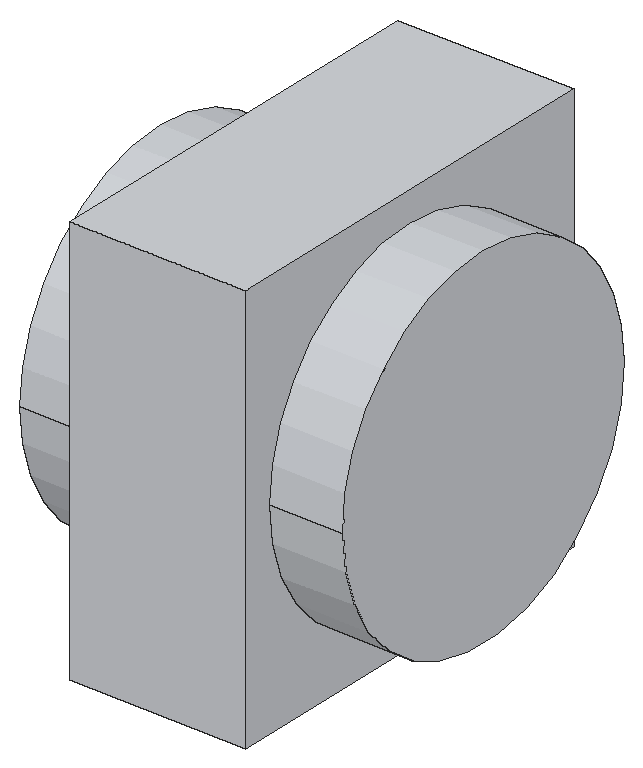
Revit family "cc91ed8223b94f33b6cd9aab69e729c6", category Duct Accessories, Revit 2021
Family settings
  Round Connector Dimension = Use Radius
  Part Type = Damper
  OmniClass Number = 23.60.70.11.11
  OmniClass Title = Fire Dampers
  Seek Item ID = Fire Damper - Round-0000-USA-ENU
  Work Plane-Based = No
  Always vertical = Yes
  Cut with Voids When Loaded = No
  Shared = No
Parameters (values of type "Standard")
  Default Elevation = 0' - 0"
  Damper Length = 0' - 6"
  Round Collar Length [instance] = 0' - 2 1/2"
  Pressure Drop [instance] = 0.00 in-wg
  Fire Damper Material = none
  Damper Width [instance] = Damper Height  # 1' - 2"
  Damper Height [instance] = Duct Diameter + 0' 2"  # 1' - 2"
  Duct Radius [instance] = 6"
  Duct Diameter [instance] = Duct Radius * 2  # 12"
Reference planes (in)
  plane 1 "Center (Front/Back)": y = 0
  plane 2: z = 0
  plane 3 "Center (Left/Right)": x = 0
  plane 4: y = 6
  plane 5: y = -6
  plane 6: x = 3
  plane 7: x = -3
  plane 8: x = -5.5
  plane 9: x = 5.5
  plane 10: z = 7
  plane 11: z = -7
  plane 12: y = -7
  plane 13: y = 7
Forms (in)
  Extrusion 1, solid, material <- "Fire Damper Material"
    sketch origin (0, 0, 0) x (0, 1, 0) y (0, 0, 1)
      loop
        line (7, 7) -> (-7, 7) -> (-7, -7) -> (7, -7) -> (7, 7)
    from -3 to 3
  Extrusion 2, solid, material <- "Fire Damper Material"
    sketch origin (0, 0, 0) x (0, 1, 0) y (0, 0, 1)
      loop
        circle (0, 0) r 6
    from -5.5 to -3
  Extrusion 3, solid, material <- "Fire Damper Material"
    sketch origin (0, 0, 0) x (0, 1, 0) y (0, 0, 1)
      loop
        circle (0, 0) r 6
    from 3 to 5.5
Cuts and joins
  joined: Extrusion 1, Extrusion 2, Extrusion 3
Lines and regions (in)
  symbolic lines, detail levels medium+fine
    curve 1: line (-5.5, 6, 0) -> (-5.5, -6, 0)
    curve 2: line (5.5, -6, 0) -> (5.5, 6, 0)
    curve 3: line (-3, 6, 0) -> (-5.5, 6, 0)
    curve 4: line (3, 6, 0) -> (5.5, 6, 0)
    curve 5: line (-3, -6, 0) -> (-5.5, -6, 0)
    curve 6: line (3, -6, 0) -> (5.5, -6, 0)
Dimensions and locks (in)
  "Duct Radius": plane 1 "Center (Front/Back)" to plane 4
  "Duct Diameter": plane 4 to plane 5
  equal spacing: plane 7, plane 3 "Center (Left/Right)", plane 6
  "Damper Length": plane 7 to plane 6
  "Round Collar Length": plane 8 to plane 7
  "Round Collar Length": plane 6 to plane 9
  equal spacing: plane 10, plane 2, plane 11
  "Damper Height": plane 10 to plane 11
  equal spacing: plane 13, plane 1 "Center (Front/Back)", plane 12
  "Damper Width": plane 13 to plane 12
  "Duct Radius": radius of Extrusion 2 sketch curve
  "Duct Radius": radius of Extrusion 3 sketch curve
  aligned and locked: plane 10 to Extrusion 1
  aligned and locked: plane 12 to Extrusion 1
  aligned and locked: plane 11 to Extrusion 1
  aligned and locked: plane 13 to Extrusion 1
  aligned and locked: plane 7 to Extrusion 1
  aligned and locked: plane 6 to Extrusion 1
  aligned and locked: plane 1 "Center (Front/Back)" to Extrusion 2 sketch curve
  aligned and locked: plane 2 to Extrusion 2 sketch curve
  aligned and locked: plane 8 to Extrusion 2
  aligned and locked: curve 3 to plane 4
  aligned and locked: plane 4 to curve 4
  aligned and locked: plane 5 to curve 5
  aligned and locked: curve 6 to plane 5
  aligned and locked: plane 9 to curve 4
  aligned and locked: plane 6 to curve 6
  aligned and locked: plane 7 to curve 5
  aligned and locked: plane 8 to curve 5
  aligned and locked: Extrusion 2 to plane 7
  aligned and locked: plane 2 to Extrusion 3 sketch curve
  aligned and locked: plane 1 "Center (Front/Back)" to Extrusion 3 sketch curve
  aligned and locked: plane 9 to Extrusion 3
  aligned and locked: Extrusion 3 to plane 6
Automatic sketch dimensions
  Extrusion 1 sketch curve to plane 10 = 0' - 0"
  Extrusion 1 sketch curve to plane 12 = 0' - 0"
  Extrusion 1 sketch curve to plane 11 = 0' - 0"
  Extrusion 1 sketch curve to plane 13 = 0' - 0"
  curve 4 to plane 6 = 0' - 0"
  curve 3 to plane 7 = 0' - 0"
Connectors (in)
  hvac at (-5.5, 0, 0), driven by "Duct Radius", driven by "Pressure Drop"
    settings: on Extrusion 2, index 1, duct flow 0 CFM, flow factor 0, pres drop 0.00 in-wg, loss coef 0, conn angle 0.00°, conn width 12", conn height 12", conn diameter 12", duct sys type 29, conn prof type 0, flow config 0, flow direction 0, loss method 4, conn ref index 2, conn util no, is conn primary yes, conn desc ""
  hvac at (5.5, 0, 0), driven by "Duct Radius"
    settings: on Extrusion 3, index 2, duct flow 0 CFM, flow factor 0, pres drop 0.00 in-wg, loss coef 0, conn angle 0.00°, conn width 12", conn height 12", conn diameter 12", duct sys type 29, conn prof type 0, flow config 0, flow direction 0, loss method 4, conn ref index 1, conn util no, is conn primary no, conn desc ""
